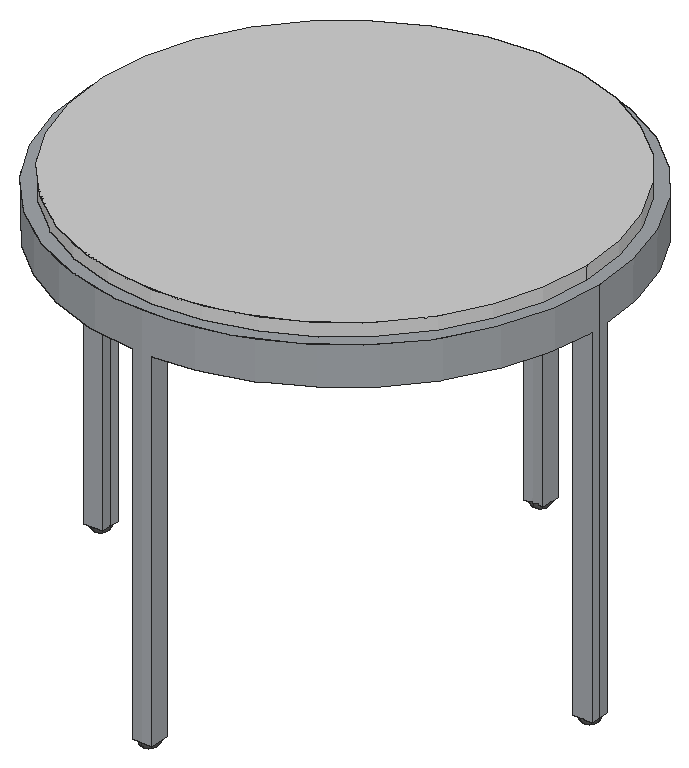
Revit family
Parameters
  URL = "http://www.martinbrattrud.com"
  Table Top [instance] = none
  SCS Certified Product = "Yes"
  Model = "Braemar 784-20CL"
  Manufacturer = "Martin Brattrud, Inc."
  Leg [instance] = none
  Keynote = "125000"
  Foot [instance] = none
  Copyright = "© 2013 Martin Brattrud, Inc."
  Authoring Version = "Revit Architecture 2010"
  Assembly Code = "E2020200"
Reference planes (in)
  plane 1 "Center Front/Back": y = 0
  plane 2: z = 0
  plane 3 "Center Left/Right": x = 0
Forms (in)
  Extrusion 1, solid, material <- "Table Top"
    sketch origin (0, 0, 0) x (1, 0, 0) y (0, 1, 0)
      loop
        circle (0, 0) r 9.5
    from 15.5 to 16
  Extrusion 2, solid, material <- "Leg"
    sketch origin (0, 0, 0) x (1, 0, 0) y (0, 1, 0)
      loop
        circle (0, 0) r 10
      loop
        circle (0, 0) r 9.25
    from 0.25 to 15.5
  Extrusion 3, void
    sketch origin (0, 0, 0) x (1, 0, 0) y (0, 1, 0)
      loop
        arc (-0.375, 9.99297) -> (-7.07107, 7.07107) -> (-9.99297, 0.375) r 10
        line (-9.99297, 0.375) -> (-0.375, 0.375) -> (-0.375, 9.99297)
      loop
        line (0.375, 9.99297) -> (0.375, 0.375) -> (9.99297, 0.375)
        arc (9.99297, 0.375) -> (7.07107, 7.07107) -> (0.375, 9.99297) r 10
      loop
        line (-0.375, -9.99297) -> (-0.375, -0.375) -> (-9.99297, -0.375)
        arc (-9.99297, -0.375) -> (-7.07107, -7.07107) -> (-0.375, -9.99297) r 10
      loop
        arc (0.375, -9.99297) -> (7.07107, -7.07107) -> (9.99297, -0.375) r 10
        line (9.99297, -0.375) -> (0.375, -0.375) -> (0.375, -9.99297)
    from 0 to 14
  Revolve 4, solid, material <- "Foot"
    sketch origin (0.00363, -9.99645, 48) x (0, -1, 0) y (0, 0, -1)
      loop
        arc (-0.50027, 48) -> (-0.67687, 47.92668) -> (-0.75, 47.75) r 0.25
        line (-0.75, 47.75) -> (-0.375, 47.75) -> (-0.375, 48) -> (-0.50027, 48)
      axis (-0.375, 48) -> (-0.375, 47.75)
    angle from 0 to 360
  Revolve 5, solid, material <- "Foot"
    sketch origin (0.00363, 9.99645, 48) x (0, 1, 0) y (0, 0, 1)
      loop
        line (-0.50027, -48) -> (-0.375, -48) -> (-0.375, -47.75) -> (-0.75, -47.75)
        arc (-0.75, -47.75) -> (-0.67687, -47.92668) -> (-0.50027, -48) r 0.25
      axis (-0.375, -48) -> (-0.375, -47.75)
    angle from 0 to 360
  Revolve 6, solid, material <- "Foot"
    sketch origin (10.00007, 0, 48) x (1, 0, 0) y (0, 0, -1)
      loop
        arc (-0.50027, 48) -> (-0.67687, 47.92668) -> (-0.75, 47.75) r 0.25
        line (-0.75, 47.75) -> (-0.375, 47.75) -> (-0.375, 48) -> (-0.50027, 48)
      axis (-0.375, 48) -> (-0.375, 47.75)
    angle from 0 to 360
  Revolve 7, solid, material <- "Foot"
    sketch origin (-9.99282, 0, 48) x (-1, 0, 0) y (0, 0, 1)
      loop
        line (-0.50027, -48) -> (-0.375, -48) -> (-0.375, -47.75) -> (-0.75, -47.75)
        arc (-0.75, -47.75) -> (-0.67687, -47.92668) -> (-0.50027, -48) r 0.25
      axis (-0.375, -48) -> (-0.375, -47.75)
    angle from 0 to 360
Cuts and joins
  Extrusion 3 cuts Extrusion 2
